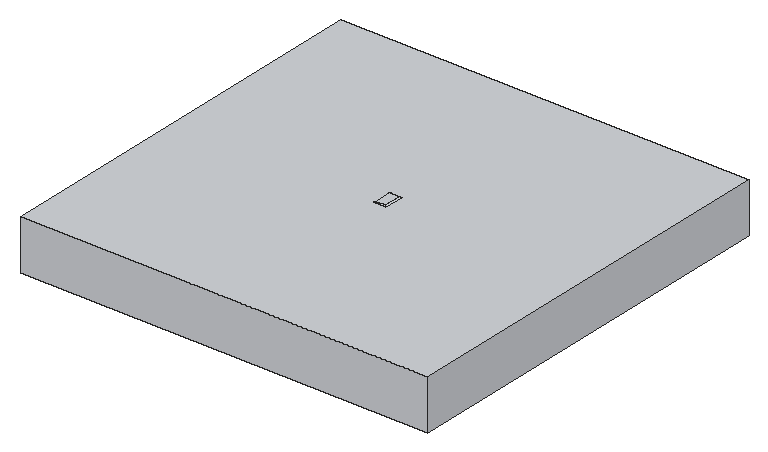
Revit family "1ddee7d262d04cd0a1e12df0df5e9c3e", category Fire Alarm Devices, host Face, Revit 2021
Family settings
  Host = Face
  Maintain Annotation Orientation = Yes
  Round Connector Dimension = Use Diameter
  Part Type = Normal
  OmniClass Number = 23.85.30.21.11.17
  OmniClass Title = Other Components
  Seek Item ID = End of Line Resistor-0000-USA-ENU
  Cut with Voids When Loaded = No
  Shared = No
  Room Calculation Point = No
Parameters (values of type "Standard")
  Width 2 = 0' - 2"
  Material = none
  Surface Width = 0' - 2 7/8"
  Depth 2 = 0' - 2"
  Depth 1 = 0' - 0 1/8"
  Radius 1 = 0' - 0 1/2"
  Label = "EOLD"
  Height 2 = 0' - 3 1/2"
  Surface Height = 0' - 4 5/8"
  Default Elevation = 1' - 6"
  Assembly Code = ""
Reference planes (in)
  plane 1 "Center (Front/Back)": y = 0
  plane 2: z = 0
  plane 3 "Center (Left/Right)": x = 0
  plane 4 "Left Inside": x = -1
  plane 5 "Right Inside": x = 1
  plane 6 "Top Inside": y = 1.75
  plane 7 "Bottom Inside": y = -1.75
  plane 8 "Right Outside": x = 1.18604
  plane 9 "Top Outside": y = 2.3125
  plane 10 "Bottom Outside": y = -2.3125
  plane 11 "Front": z = 0.125
  plane 12 "Back": z = -2
  plane 13: y = 2.0625
  plane 14: y = -2.0625
  plane 15: x = -1.19886
  plane 16: x = 1.4375
  plane 17: x = -0.5
  plane 18: x = 0.5
  plane 19: x = -1.4375
Forms (in)
  Extrusion 1, solid
    sketch origin (0, 0, 0) x (1, 0, 0) y (0, 1, 0)
      loop
        line (-49.63881, 48) -> (-49.63881, -48) -> (48, -48) -> (48, 48) -> (-49.63881, 48)
    from 0 to -12
  Extrusion 2, solid, material <- "Material"
    sketch origin (0, 0, 0) x (1, 0, 0) y (0, 1, 0)
      loop
        line (-1, 1.75) -> (-1, -1.75) -> (1, -1.75) -> (1, 1.75) -> (-1, 1.75)
    from 0 to -2
  Blend 3, solid, material <- "Material"
    base sketch origin (0, 0, 0) x (1, 0, 0) y (0, 1, 0)
      loop
        line (-1.4375, 2.3125) -> (-1.4375, -2.3125) -> (1.4375, -2.3125) -> (1.4375, 2.3125) -> (-1.4375, 2.3125)
    top sketch origin (0, 0, 0) x (1, 0, 0) y (0, 1, 0)
      loop
        line (-1.19886, 2.0625) -> (-1.19886, -2.0625) -> (1.18604, -2.0625) -> (1.18604, 2.0625) -> (-1.19886, 2.0625)
    from 0 to 0.125
Lines and regions (in)
  symbolic lines, detail levels fine
    curve 1: line (-1, 0, 0) -> (-1, 0, -2)
    curve 2: line (-1, 0, -2) -> (1, 0, -2)
    curve 3: line (1, 0, -2) -> (1, 0, 0)
    curve 4: line (-1.4375, 0, 0) -> (1.4375, 0, 0)
    curve 5: line (-1.19886, 0, 0.125) -> (-1.4375, 0, 0)
    curve 6: line (1.4375, 0, 0) -> (1.18604, 0, 0.125)
    curve 7: line (1.18604, 0, 0.125) -> (-1.19886, 0, 0.125)
Dimensions and locks (in)
  equal spacing: plane 4 "Left Inside", plane 3 "Center (Left/Right)", plane 5 "Right Inside"
  "Width 2": plane 4 "Left Inside" to plane 5 "Right Inside"
  equal spacing: plane 6 "Top Inside", plane 1 "Center (Front/Back)", plane 7 "Bottom Inside"
  "Height 2": plane 6 "Top Inside" to plane 7 "Bottom Inside"
  equal spacing: plane 9 "Top Outside", plane 1 "Center (Front/Back)", plane 10 "Bottom Outside"
  "Surface Height": plane 9 "Top Outside" to plane 10 "Bottom Outside"
  "Depth 1": plane 11 "Front" to plane 2
  "Depth 2": plane 2 to plane 12 "Back"
  locked: plane 8 "Right Outside" to plane 16 at 0.25146
  locked: plane 14 to plane 10 "Bottom Outside" at 0.25
  locked: plane 9 "Top Outside" to plane 13 at 0.25
  equal spacing: plane 18, plane 3 "Center (Left/Right)", plane 17
  "Radius 1": plane 3 "Center (Left/Right)" to plane 17
  locked: plane 19 to plane 15 at 0.23864
  equal spacing: plane 19, plane 3 "Center (Left/Right)", plane 16
  "Surface Width": plane 19 to plane 16
  aligned and locked: plane 2 to Extrusion 1
  aligned and locked: level to Extrusion 1
  aligned and locked: plane 4 "Left Inside" to Extrusion 2 sketch curve
  aligned and locked: Extrusion 2 sketch curve to plane 6 "Top Inside"
  aligned and locked: plane 7 "Bottom Inside" to Extrusion 2 sketch curve
  aligned and locked: Extrusion 2 sketch curve to plane 5 "Right Inside"
  aligned and locked: Extrusion 2 to plane 12 "Back"
  aligned and locked: plane 10 "Bottom Outside" to Blend 3 sketch curve
  aligned and locked: Blend 3 sketch curve to plane 16
  aligned and locked: Blend 3 sketch curve to plane 9 "Top Outside"
  aligned and locked: Blend 3 sketch curve to plane 13
  aligned and locked: plane 15 to Blend 3 sketch curve
  aligned and locked: plane 14 to Blend 3 sketch curve
  aligned and locked: Blend 3 sketch curve to plane 8 "Right Outside"
  aligned and locked: plane 11 "Front" to Blend 3
  aligned and locked: Blend 3 to plane 2
  aligned and locked: curve 1 to Extrusion 2
  aligned and locked: curve 2 to Extrusion 2
  aligned and locked: curve 3 to Extrusion 2
  aligned and locked: curve 4 to Blend 3
  aligned and locked: curve 5 to Blend 3
  aligned and locked: curve 6 to Blend 3
  aligned and locked: curve 7 to Blend 3
  aligned and locked: plane 19 to Blend 3 sketch curve
  aligned and locked: plane 1 "Center (Front/Back)" to nested 1
  aligned and locked: plane 3 "Center (Left/Right)" to nested 1
Automatic sketch dimensions
  Extrusion 1 sketch curve to Extrusion 1 sketch curve = 8' - 1.63881"
  Extrusion 1 sketch curve to Extrusion 1 sketch curve = 8' - 0"
Nested families (in)
  nested 1: "End of Line Resistor Annotation" at (0, 0, 0), type "End of Line Resistor Annotation", detail levels coarse+medium
Connectors (in)
  electrical at (0, 1.75, -1)
    settings: on Extrusion 2, index 1, voltage 0 V, apparent load 0 VA, apparent load phase1 0 VA, apparent load phase2 0 VA, apparent load phase3 0 VA, power factor 0, load classification "Other", number of poles 1, system type 11, power factor state 1, is connector primary yes, connector utility no, sub classification motor no, connector description ""
Definition of nested family "End of Line Resistor Annotation"
  Parameters
    Label Annotation = "EOLD"
  Reference planes (in)
    plane 1: y = 0
    plane 2: x = 0
  Lines and regions (in)
    reference lines
      curve 1: line (-0.21875, 0.23369, 0) -> (-0.21875, -0.24406, 0)
      curve 2: line (0.21875, 0.29526, 0) -> (0.21875, -0.27362, 0)
      curve 3: line (-0.43796, 0.1875, 0) -> (0.78352, 0.1875, 0)
    detail lines
      curve 4: line (-0.21875, 0.1875, 0) -> (0.21875, 0.1875, 0)
      curve 5: line (-0.21875, 0, 0) -> (-0.21875, 0.1875, 0)
      curve 6: line (0.21875, 0, 0) -> (-0.21875, 0, 0)
      curve 7: line (0.21875, 0.1875, 0) -> (0.21875, 0, 0)
  Text (in)
    label "EOLD" at (-0.17258, 0.07608, 0), shows "Label Annotation"
  Dimensions and locks (in)
    locked: curve 1 to plane 2 at 0.21875
    locked: plane 2 to curve 2 at 0.21875
    locked: plane 1 to curve 3 at 0.1875
    aligned and locked: curve 3 to curve 4
    aligned and locked: curve 5 to curve 1
    aligned and locked: curve 6 to plane 1
    aligned and locked: curve 2 to curve 7
